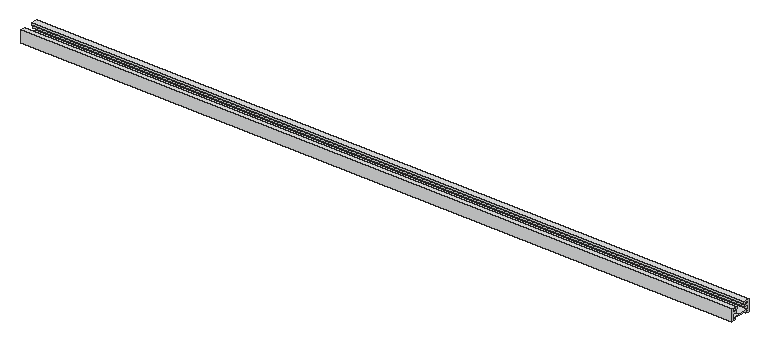
Revit family "Lighting-Track-Amerlux-GES", category Lighting Fixtures, host Face, Revit 2017
Family settings
  Host = Face
  Round Connector Dimension = Use Diameter
  Part Type = Normal
  Cut with Voids When Loaded = No
  Light Source = No
  Shared = No
  Room Calculation Point = No
Parameters
  Width = 0' - 1 3/8"
  Voltage = 0 V
  URL = "http://www.amerlux.com/"
  Power Factor = 1
  Number of Poles = 1
  Model = "GES"
  Manufacturer = "Amerlux"
  Length = 4' - 0"
  Fixture Finish = Aluminum Finish
  Description = "Global Track"
  Default Elevation = 4' - 0"
  Apparent Load = 0 VA
Reference planes (in)
  plane 1 "Center (Front/Back)": y = 0
  plane 2: z = 0
  plane 3 "Center (Left/Right)": x = 0
  plane 4: y = -0.6875
  plane 5: y = 0.6875
  plane 6: z = 24
  plane 7: x = -24
  plane 8: x = 24
Forms (in)
  Extrusion 1, solid, material "Aluminum Finish"
    sketch origin (0, 0, 0) x (0, 1, 0) y (0, 0, 1)
      loop
        line (0.6875, 0.75) -> (0.30965, 0.75) -> (0.30965, 0.60445) -> (0.36147, 0.60445) -> (0.36147, 0.68889) -> (0.63206, 0.68889) -> (0.63206, 0.54628) -> (0.39754, 0.54628) -> (0.39754, 0.39536) -> (0.64714, 0.39536) -> (0.64714, 0.17044) -> (0, 0.17044) -> (-0.64714, 0.17044) -> (-0.64714, 0.39536) -> (-0.39754, 0.39536) -> (-0.39754, 0.54628) -> (-0.63206, 0.54628) -> (-0.63206, 0.68889) -> (-0.36147, 0.68889) -> (-0.36147, 0.60445) -> (-0.30965, 0.60445) -> (-0.30965, 0.75) -> (-0.6875, 0.75) -> (-0.6875, 0) -> (-0.48461, 0) -> (-0.48461, 0.05435) -> (-0.62102, 0.05435) -> (-0.62102, 0.10659) -> (0, 0.10659) -> (0.62102, 0.10659) -> (0.62102, 0.05435) -> (0.48461, 0.05435) -> (0.48461, 0) -> (0.6875, 0) -> (0.6875, 0.75)
    from -24 to 24
Dimensions and locks (in)
  plane 6 to host face = 2' - 0"
  equal spacing: plane 7, plane 3 "Center (Left/Right)", plane 8
  "Length": plane 7 to plane 8
  equal spacing: plane 5, plane 1 "Center (Front/Back)", plane 4
  "Width": plane 5 to plane 4
  aligned and locked: plane 2 to host face
  aligned and locked: level to host face
  aligned and locked: plane 8 to Extrusion 1
  aligned and locked: Extrusion 1 to plane 7
Automatic sketch dimensions
  host sketch curve to host sketch curve = 8' - 0"  (x2)
  Extrusion 1 sketch curve to plane 4 = 0' - 0"
  Extrusion 1 sketch curve to level = 0' - 0"  (x2)
  Extrusion 1 sketch curve to plane 1 "Center (Front/Back)" = 0' - 0"  (x2)
  Extrusion 1 sketch curve to plane 5 = 0' - 0"
  plane 4 to Extrusion 1 sketch curve = 0' - 0.04036"
  plane 4 to Extrusion 1 sketch curve = 0' - 0.05544"
  plane 4 to Extrusion 1 sketch curve = 0' - 0.06648"
  Extrusion 1 sketch curve to Extrusion 1 sketch curve = 0' - 0.13641"
  Extrusion 1 sketch curve to Extrusion 1 sketch curve = 0' - 0.24959"
  Extrusion 1 sketch curve to Extrusion 1 sketch curve = 0' - 0.03608"  (x2)
  Extrusion 1 sketch curve to Extrusion 1 sketch curve = 0' - 0.05182"  (x2)
  Extrusion 1 sketch curve to plane 1 "Center (Front/Back)" = 0' - 0.30965"
  Extrusion 1 sketch curve to plane 5 = 0' - 0.20289"
  Extrusion 1 sketch curve to plane 5 = 0' - 0.06648"
  Extrusion 1 sketch curve to plane 5 = 0' - 0.05544"
  Extrusion 1 sketch curve to plane 5 = 0' - 0.04036"
  Extrusion 1 sketch curve to Extrusion 1 sketch curve = 0' - 0.05435"
  level to Extrusion 1 sketch curve = 0' - 0.05435"
  Extrusion 1 sketch curve to Extrusion 1 sketch curve = 0' - 0.05224"
  Extrusion 1 sketch curve to Extrusion 1 sketch curve = 0' - 0.06385"
  Extrusion 1 sketch curve to Extrusion 1 sketch curve = 0' - 0.22493"  (x2)
  Extrusion 1 sketch curve to Extrusion 1 sketch curve = 0' - 0.15092"  (x2)
  Extrusion 1 sketch curve to Extrusion 1 sketch curve = 0' - 0.05817"  (x2)
  Extrusion 1 sketch curve to Extrusion 1 sketch curve = 0' - 0.14261"
  Extrusion 1 sketch curve to Extrusion 1 sketch curve = 0' - 0.08444"
  Extrusion 1 sketch curve to Extrusion 1 sketch curve = 0' - 0.06111"  (x2)
Connectors (in)
  electrical at (24, 0, 0.38201), driven by "Number of Poles", driven by "Voltage", driven by "Apparent Load", driven by "Power Factor"
    settings: on Extrusion 1, index 1, voltage 0 V, apparent load 0 VA, apparent load phase1 0 VA, apparent load phase2 0 VA, apparent load phase3 0 VA, power factor 1, load classification "Other", number of poles 1, system type 31, power factor state 1, is connector primary yes, connector utility no, sub classification motor no, connector description ""
